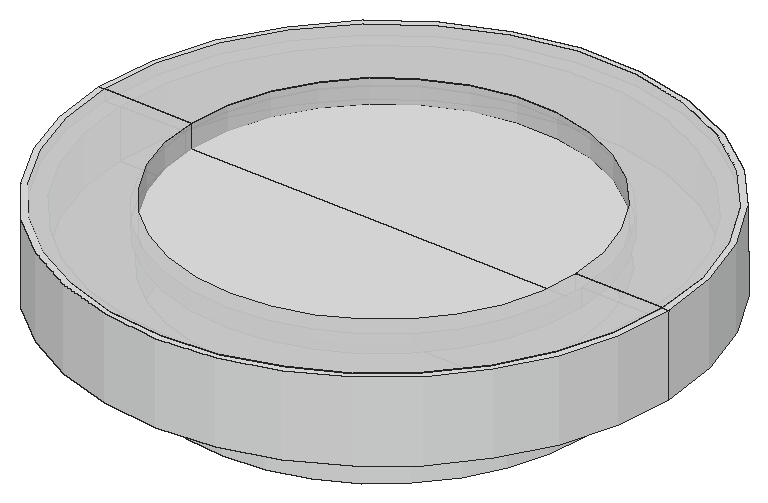
Revit family "0047815", category Lighting Fixtures, host Face, Revit 2016
Family settings
  Host = Face
  Part Type = Normal
  Round Connector Dimension = Use Diameter
  OmniClass Number = 23.80.70.11.17
  OmniClass Title = Specialized Lighting by Location or Use
  Cut with Voids When Loaded = No
  Light Source = Yes
  Shared = No
  Room Calculation Point = No
Parameters (values of type "0047815 VELITE WALL ROUND WH 3000K")
  Weight = 0.90 kg
  Wattage = 12 W
  built-in parameter 1150110 = 1 (stored number, unit not read)
  Voltage Comments = "UNV (Universal Voltage; 230-240 Volt)"  # constant formula
  Voltage = 240 V  # constant formula
  URL = "http://www.sylvania-lighting.com/product/en-int/products/0047815"
  built-in parameter 1114217 = 1 (stored number, unit not read)
  Tilt Angle = -90.00°
  built-in parameter 1150109 = 1 (stored number, unit not read)
  built-in parameter 1150134 = (empty or 0)
  Ta Rating = "-20°C to +45°C"  # constant formula
  built-in parameter 1150113 = 1 (stored number, unit not read)
  Radius = 100.0 mm
  Product Page URL = "http://www.sylvania-lighting.com/product/en-int/products/0047815"
  Product Family = "Velite Electronic Wall Light"  # constant formula
  Photometry Comments = ""
  Photometric Web File = "0047815.ies"
  built-in parameter 1150105 = 296.03 (stored number, unit not read)
  Lumens = 830.04 lm
  built-in parameter 1150115 = 1 (stored number, unit not read)
  built-in parameter 1150137 = (empty or 0)
  built-in parameter 1150139 = (empty or 0)
  Life = "25 000h"  # constant formula
  built-in parameter 1150112 = 1 (stored number, unit not read)
  built-in parameter 1150114 = 1 (stored number, unit not read)
  Lamp Comments = "Integrated LED"  # constant formula
  built-in parameter 1150132 = 2
  built-in parameter 1150102 = (empty or 0)
  built-in parameter 1150107 = 3000 (stored number, unit not read)
  built-in parameter 1150138 = (empty or 0)
  built-in parameter 1150106 = 2.9603 (stored number, unit not read)
  IP Rating = "IP54"  # constant formula
  IK Rating = "IK05"  # constant formula
  Energy Class = "A++ A+ A"  # constant formula
  Emit from Circle Diameter = Diameter  # 200.0 mm
  Emit Shape Visible in Rendering = no
  Electrical Protection = "CLASS I"  # constant formula
  built-in parameter 1150104 = 6.4261 (stored number, unit not read)
  Drive Current = "300mA"
  Dimming Lamp Color Temperature Shift = <None>
  Diameter = Radius * 2  # 200.0 mm
  Color Filter = 16777215
  Catalog Number = "0047815 VELITE WALL ROUND WH 3000K"
  Body Material = Aluminum_Sylvania_Velite_White_RAL 9016
  built-in parameter 1114218 = 1 (stored number, unit not read)
  built-in parameter 1150133 = 10 (stored number, unit not read)
  Height = 50.0 mm
  built-in parameter 1114216 [instance] = 1 (stored number, unit not read)
  Model = "0047815 VELITE WALL ROUND WH 3000K"
  Manufacturer = "Feilo Sylvania"  # constant formula
  Lamp = "LED"
  Diffuser Material = Polycarbonate_Sylvania_Velite_Clear
  Description = "A range of sleek and stylish Outdoor LED luminaires.Velite is perfect for lighting courtyards, gardens and exterior entrances.Design  meets IK05 requirements.Available in various shapes, sizes and colours of die cast aluminium luminaires.Range includes bollards and various wall mounted direct and direct/indirect luminaires.High efficient thermal design: ta -20 to +45oC.High performance: delivers up to 830 lm (luminaire lumen output), and up to 71lm/W (total system efficiency).Available in warm white (3,000K).Energy class: A++, A+, A.Lifetime: 30,000 hours life at 70% of the original output L70."  # constant formula
  Default Elevation = 0.0 mm
  built-in parameter 1140040 [instance] = 1
  Assembly Code = "D5020200"
  Apparent Load Comments = ""
  Apparent Load = 12 VA
Reference planes
  plane 1 "Center (Front/Back)": y = 0
  plane 2 "Fixture Top": z = 0
  plane 3 "Center (Left/Right)": x = 0
  plane 4: z = 22
  plane 5 "Fixture Bottom": z = 50
  plane 6: z = 5
  plane 7: z = 7
  plane 8: z = 29.5
  plane 9: z = 46.5
  plane 10: x = -100
  plane 11: x = -70.5
  plane 12: x = -68.5
  plane 13: x = -98
  plane 14: x = -92.5
  plane 15: x = -67.5
  plane 16: z = 40
  plane 17: x = -69.5
  plane 18: z = 42
Forms (mm)
  Revolve 1, solid, material "Aluminum_Sylvania_Velite_White_RAL 9016" <- "Body Material", detail levels fine
    sketch origin (0, 0, 0) x (1, 0, 0) y (0, 0, 1)
      loop
        line (-68.5, 0) -> (-68.5, 5) -> (0, 5) -> (0, 7) -> (-68.5, 7) -> (-68.5, 29.5) -> (-92.5, 29.5) -> (-92.5, 46.5) -> (-98, 46.5) -> (-98, 50) -> (-100, 50) -> (-100, 22) -> (-70.5, 22) -> (-70.5, 0) -> (-68.5, 0)
      axis (0, 50) -> (0, 0)
    angle from 0 to 360
  Revolve 2, solid, material "Polycarbonate_Sylvania_Velite_Clear" <- "Diffuser Material", detail levels fine
    sketch origin (0, 0, 0) x (1, 0, 0) y (0, 0, 1)
      loop
        line (-98, 50) -> (-98, 46.5) -> (-69.5, 46.5) -> (-69.5, 40) -> (-67.5, 40) -> (-67.5, 50) -> (-98, 50)
      axis (0, 50) -> (0, 40)
    angle from 0 to 360
  Revolve 3, solid, material "Aluminum_Sylvania_Velite_White_RAL 9016" <- "Body Material", detail levels fine
    sketch origin (0, 0, 0) x (1, 0, 0) y (0, 0, 1)
      loop
        line (-67.5, 42) -> (-67.5, 40) -> (0, 40) -> (0, 42) -> (-67.5, 42)
      axis (0, 42) -> (0, 40)
    angle from 0 to 360
  Revolve 4, solid, material "Aluminum_Sylvania_Velite_White_RAL 9016" <- "Body Material", detail levels coarse+medium
    sketch origin (0, 0, 0) x (1, 0, 0) y (0, 0, 1)
      loop
        line (-67.5, 50) -> (-100, 50) -> (-100, 22) -> (-70.5, 22) -> (-70.5, 0) -> (0, 0) -> (0, 42) -> (-67.5, 42) -> (-67.5, 50)
      axis (0, 50) -> (0, 0)
    angle from 0 to 360
Dimensions and locks
  "Height": plane 5 "Fixture Bottom" to plane 2 "Fixture Top"
  "Radius": plane 3 "Center (Left/Right)" to plane 10
  plane 15 to plane 12 to plane 17 to plane 11 to plane 14 to plane 13 to plane 10 = 1.0 mm locked, 1.0 mm locked, 1.0 mm locked, 22.0 mm locked, 5.5 mm locked, 2.0 mm locked
  plane 7 to plane 6 to plane 2 "Fixture Top" = 2.0 mm locked, 5.0 mm locked
  plane 5 "Fixture Bottom" to plane 9 to plane 18 to plane 16 to plane 8 to plane 4 = 3.5 mm locked, 4.5 mm locked, 2.0 mm locked, 10.5 mm locked, 7.5 mm locked
  aligned and locked: host face to plane 2 "Fixture Top"
  aligned and locked: level to host face
  aligned and locked: imposter light to plane 1 "Center (Front/Back)"
  aligned and locked: imposter light to plane 3 "Center (Left/Right)"
  aligned and locked: Revolve 1 sketch curve to plane 5 "Fixture Bottom"
  aligned and locked: plane 10 to Revolve 1 sketch curve
  aligned and locked: Revolve 1 sketch curve to plane 13
  aligned and locked: Revolve 1 sketch curve to plane 14
  aligned and locked: Revolve 1 sketch curve to plane 9
  aligned and locked: Revolve 1 sketch curve to plane 8
  aligned and locked: plane 4 to Revolve 1 sketch curve
  aligned and locked: plane 11 to Revolve 1 sketch curve
  aligned and locked: Revolve 1 sketch curve to plane 12  (x2)
  aligned and locked: Revolve 1 sketch curve to plane 7
  aligned and locked: plane 6 to Revolve 1 sketch curve
  aligned and locked: plane 2 "Fixture Top" to Revolve 1 sketch curve
  aligned and locked: imposter light to Revolve 1 sketch curve
  aligned and locked: Revolve 2 sketch curve to plane 15
  aligned and locked: plane 13 to Revolve 2 sketch curve
  aligned and locked: Revolve 2 sketch curve to plane 5 "Fixture Bottom"
  aligned and locked: plane 9 to Revolve 2 sketch curve
  aligned and locked: Revolve 2 sketch curve to plane 16
  aligned and locked: Revolve 2 sketch curve to plane 17
  aligned and locked: imposter light to Revolve 2 sketch curve
  aligned and locked: Revolve 3 sketch curve to plane 3 "Center (Left/Right)"  (x2)
  aligned and locked: plane 15 to Revolve 3 sketch curve
  aligned and locked: plane 16 to Revolve 3 sketch curve
  aligned and locked: Revolve 3 sketch curve to plane 18
  aligned and locked: imposter light to plane 5 "Fixture Bottom"
  aligned and locked: Revolve 4 sketch curve to plane 11
  aligned and locked: Revolve 4 sketch curve to plane 4
  aligned and locked: Revolve 4 sketch curve to plane 10
  aligned and locked: plane 5 "Fixture Bottom" to Revolve 4 sketch curve
  aligned and locked: Revolve 4 sketch curve to plane 15
  aligned and locked: Revolve 4 sketch curve to plane 18
  aligned and locked: Revolve 4 sketch curve to plane 2 "Fixture Top"
  aligned and locked: Revolve 4 sketch curve to plane 3 "Center (Left/Right)"  (x2)
Automatic sketch dimensions
  host sketch curve to host sketch curve = 447.379 mm
  host sketch curve to host sketch curve = 434.165 mm
  Revolve 1 sketch curve to plane 3 "Center (Left/Right)" = 0.0 mm
  Revolve 1 sketch curve to level = 30.295 mm
  plane 5 "Fixture Bottom" to Revolve 1 sketch curve = 21.633 mm
  Revolve 2 sketch curve to level = 16.662 mm
  plane 5 "Fixture Bottom" to Revolve 2 sketch curve = 26.574 mm
  plane 7 to Revolve 3 sketch curve = 4.59 mm
  plane 5 "Fixture Bottom" to Revolve 3 sketch curve = 26.59 mm
  Revolve 4 sketch curve to level = 50.413 mm
  plane 5 "Fixture Bottom" to Revolve 4 sketch curve = 39.587 mm
Connectors
  electrical at (0, 0, 0), driven by "Voltage", driven by "Apparent Load"
    settings: on Revolve 4, index 1, voltage 240 V, apparent load 0 VA, apparent load phase1 12 VA, apparent load phase2 0 VA, apparent load phase3 0 VA, power factor 1, load classification "Lighting", number of poles 1, system type 31, power factor state 1, is connector primary yes, connector utility no, sub classification motor no, connector description ""
